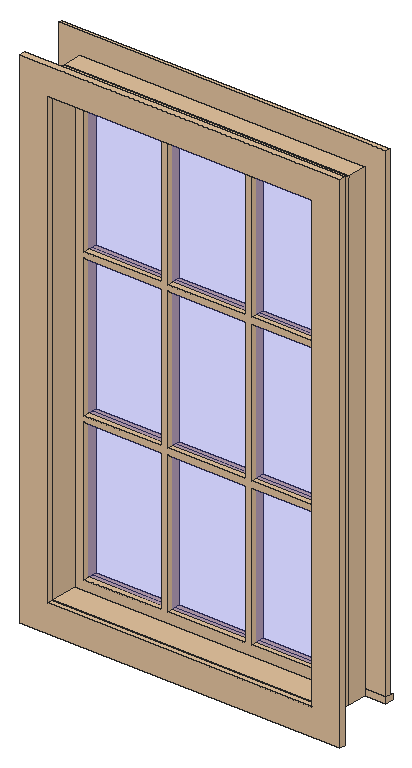
Revit family
Parameters (values of type "0915 x 1525mm")
  Glass Pane Material = Glass
  Height = 1525.00 mm
  Sash = Sash
  Default Sill Height = 610.00 mm
  Trim Exterior Material = Trim
  Trim Interior Material = Trim
  Trim Projection - Ext. = 13.00 mm
  Trim Projection - Int. = 19.00 mm
  Trim Width - Exterior = 89.00 mm
  Trim Width - Interior = 89.00 mm
  Wall Closure = (empty or 0)
  Width = 915.00 mm
  Window Inset = 19.00 mm
Types (4, lengths in mm): name | Height | Default Sill Height | Width
  (no name) | 1525.00 | 610.00 | 915.00
  0915 x 1220mm | 1220.00 | 915.00 | 925.00
  0915 x 1525mm | 1525.00 | 610.00 | 915.00
  0915 x 1830mm | 1830.00 | 305.00 | 915.00
Reference planes
  plane 1: y = 0
  plane 2: z = 0
  plane 3 "Center": x = 0
  plane 4 "Left": x = -457.5
  plane 5 "Right": x = 457.5
  plane 6 "Sill": z = 610
  plane 7 "Top": z = 2135
  plane 8: y = 76.2
  plane 9: y = -76.2
  plane 10: y = 57.2
  plane 11 "Top": z = 1372.5
  plane 12: x = -394
  plane 13: x = 394
  plane 14: x = -134.508
  plane 15: x = 134.508
  plane 16: z = 2071.5
  plane 17: z = 673.5
  plane 18: z = 1608.675
  plane 19: z = 1136.325
  plane 20: x = -425.75
  plane 21: x = -438.45
  plane 22: x = -514.75
  plane 23: x = -527.45
  plane 24: x = 425.75
  plane 25: x = 438.45
  plane 26: x = 514.75
  plane 27: x = 527.45
  plane 28: z = 2204.95
  plane 29: z = 2103.25
  plane 30: z = 2115.95
  plane 31: z = 2192.25
  plane 32: z = 641.75
  plane 33: z = 552.75
  plane 34: x = 403.525
  plane 35: x = -403.525
  plane 36: z = 2081.025
  plane 37: z = 663.975
  plane 38 "Closure": y = 28.625
Forms (mm)
  Extrusion 1, solid, material "Trim" <- "Trim Exterior Material"
    sketch origin (0, 0, 0) x (1, 0, 0) y (0, 0, 1)
      loop
        line (-457.5, 2135) -> (-457.5, 610) -> (457.5, 610) -> (457.5, 2135) -> (-457.5, 2135)
      loop
        line (-438.45, 2115.95) -> (-438.45, 629.05) -> (438.45, 629.05) -> (438.45, 2115.95) -> (-438.45, 2115.95)
    from -76.2 to -12.75
  Extrusion 2, solid, material "Trim" <- "Trim Interior Material"
    sketch origin (0, 0, 0) x (-1, 0, 0) y (0, 0, 1)
      loop
        line (-457.5, 2135) -> (-457.5, 610) -> (457.5, 610) -> (457.5, 2135) -> (-457.5, 2135)
      loop
        line (-425.75, 2103.25) -> (-425.75, 641.75) -> (425.75, 641.75) -> (425.75, 2103.25) -> (-425.75, 2103.25)
    from 12.75 to -76.2
  Extrusion 3, solid, material "Sash" <- "Sash"
    sketch origin (0, 0, 0) x (-1, 0, 0) y (0, 0, 1)
      loop
        line (-438.45, 2115.95) -> (-438.45, 629.05) -> (438.45, 629.05) -> (438.45, 2115.95) -> (-438.45, 2115.95)
      loop
        line (394, 2071.5) -> (144.033, 2071.5) -> (144.033, 1618.2) -> (394, 1618.2) -> (394, 2071.5)
      loop
        line (394, 1599.15) -> (144.033, 1599.15) -> (144.033, 1145.85) -> (394, 1145.85) -> (394, 1599.15)
      loop
        line (394, 1126.8) -> (144.033, 1126.8) -> (144.033, 673.5) -> (394, 673.5) -> (394, 1126.8)
      loop
        line (124.983, 2071.5) -> (-124.983, 2071.5) -> (-124.983, 1618.2) -> (124.983, 1618.2) -> (124.983, 2071.5)
      loop
        line (124.983, 1599.15) -> (-124.983, 1599.15) -> (-124.983, 1145.85) -> (124.983, 1145.85) -> (124.983, 1599.15)
      loop
        line (124.983, 1126.8) -> (-124.983, 1126.8) -> (-124.983, 673.5) -> (124.983, 673.5) -> (124.983, 1126.8)
      loop
        line (-144.033, 2071.5) -> (-394, 2071.5) -> (-394, 1618.2) -> (-144.033, 1618.2) -> (-144.033, 2071.5)
      loop
        line (-144.033, 1599.15) -> (-394, 1599.15) -> (-394, 1145.85) -> (-144.033, 1145.85) -> (-144.033, 1599.15)
      loop
        line (-144.033, 1126.8) -> (-394, 1126.8) -> (-394, 673.5) -> (-144.033, 673.5) -> (-144.033, 1126.8)
    from 12.75 to 57.2
  Extrusion 4, solid, material "Trim" <- "Trim Interior Material"
    sketch origin (0, 0, 0) x (1, 0, 0) y (0, 0, 1)
      loop
        line (-425.75, 2103.25) -> (-425.75, 641.75) -> (425.75, 641.75) -> (425.75, 2103.25) -> (-425.75, 2103.25)
      loop
        line (-514.75, 2192.25) -> (-514.75, 552.75) -> (514.75, 552.75) -> (514.75, 2192.25) -> (-514.75, 2192.25)
    from 76.2 to 95.2
  Extrusion 5, solid, material "Glass" <- "Glass Pane Material"
    sketch origin (0, 0, 0) x (-1, 0, 0) y (0, 0, 1)
      loop
        line (-394, 2071.5) -> (-394, 1618.2) -> (-144.033, 1618.2) -> (-144.033, 2071.5) -> (-394, 2071.5)
      loop
        line (-124.983, 2071.5) -> (-124.983, 1618.2) -> (124.983, 1618.2) -> (124.983, 2071.5) -> (-124.983, 2071.5)
      loop
        line (144.033, 2071.5) -> (144.033, 1618.2) -> (394, 1618.2) -> (394, 2071.5) -> (144.033, 2071.5)
      loop
        line (144.033, 1599.15) -> (144.033, 1145.85) -> (394, 1145.85) -> (394, 1599.15) -> (144.033, 1599.15)
      loop
        line (-124.983, 1599.15) -> (-124.983, 1145.85) -> (124.983, 1145.85) -> (124.983, 1599.15) -> (-124.983, 1599.15)
      loop
        line (-394, 1599.15) -> (-394, 1145.85) -> (-144.033, 1145.85) -> (-144.033, 1599.15) -> (-394, 1599.15)
      loop
        line (-394, 1126.8) -> (-394, 673.5) -> (-144.033, 673.5) -> (-144.033, 1126.8) -> (-394, 1126.8)
      loop
        line (-124.983, 1126.8) -> (-124.983, 673.5) -> (124.983, 673.5) -> (124.983, 1126.8) -> (-124.983, 1126.8)
      loop
        line (144.033, 1126.8) -> (144.033, 673.5) -> (394, 673.5) -> (394, 1126.8) -> (144.033, 1126.8)
    from 28.625 to 41.325
  Extrusion 6, solid, material "Trim" <- "Trim Exterior Material"
    sketch origin (0, 0, 0) x (-1, 0, 0) y (0, 0, 1)
      loop
        line (-438.45, 2115.95) -> (438.45, 2115.95) -> (438.45, 629.05) -> (527.45, 629.05) -> (527.45, 2204.95) -> (-527.45, 2204.95) -> (-527.45, 629.05) -> (-438.45, 629.05) -> (-438.45, 2115.95)
    from 76.2 to 89.2
  Extrusion 7, solid, material "Trim" <- "Trim Exterior Material"
    sketch origin (0, 0, 0) x (-1, 0, 0) y (0, 0, 1)
      loop
        line (-527.45, 629.05) -> (-527.45, 610) -> (527.45, 610) -> (527.45, 629.05) -> (-527.45, 629.05)
    from 76.2 to 101.9
Lines and regions (mm)
  Opening 1
    outline origin (-1524, -76.2, 0) x (1, 0, 0) y (0, 0, 1)
      loop
        line (1066.5, 2135) -> (1066.5, 610) -> (1981.5, 610) -> (1981.5, 2135) -> (1066.5, 2135)
  symbolic lines, style "WindowsFrameMullionProjection"
    curve 1: line (-457.5, 76.2, 0) -> (-438.45, 76.2, 0)
    curve 2: line (-438.45, 12.75, 0) -> (-438.45, 76.2, 0)
    curve 3: line (-438.45, 12.75, 0) -> (-425.75, 12.75, 0)
    curve 4: line (-425.75, -76.2, 0) -> (-425.75, 12.75, 0)
    curve 5: line (457.5, 76.2, 0) -> (438.45, 76.2, 0)
    curve 6: line (425.75, 12.75, 0) -> (425.75, -76.2, 0)
    curve 7: line (425.75, 12.75, 0) -> (438.45, 12.75, 0)
    curve 8: line (438.45, 12.75, 0) -> (438.45, 76.2, 0)
    curve 9: line (-438.45, 57.2, 0) -> (-394, 57.2, 0)
    curve 10: line (-438.45, 57.2, 0) -> (-438.45, 12.75, 0)
    curve 11: line (-438.45, 12.75, 0) -> (-394, 12.75, 0)
    curve 12: line (-394, 57.2, 0) -> (-394, 12.75, 0)
    curve 13: line (438.45, 57.2, 0) -> (394, 57.2, 0)
    curve 14: line (438.45, 57.2, 0) -> (438.45, 12.75, 0)
    curve 15: line (438.45, 12.75, 0) -> (394, 12.75, 0)
    curve 16: line (394, 57.2, 0) -> (394, 12.75, 0)
    curve 22: line (-425.75, -76.2, 0) -> (-457.5, -76.2, 0)
    curve 23: line (425.75, -76.2, 0) -> (457.5, -76.2, 0)
  symbolic lines, style "WindowsGlassProjection"
    curve 17: line (-394, 34.975, 0) -> (394, 34.975, 0)
  symbolic lines, style "Elevation Swing"
    curve 18: line (394, 57.2, 1372.5) -> (-394, 57.2, 2071.5)
    curve 19: line (394, 57.2, 1372.5) -> (-394, 57.2, 673.5)
    curve 20: line (-394, 12.75, 673.5) -> (394, 12.75, 1372.5)
    curve 21: line (394, 12.75, 1372.5) -> (-394, 12.75, 2071.5)
Text (mm)
  text "EXTERIOR" at (-1437.207, 772.553, 0), in view "Floor Line"
  text "INTERIOR" at (-1490.695, -350.7, 0), in view "Floor Line"
  text "Exterior" at (0, 1108.87, 3203.778), in view "Left"
  text "Exterior" at (0, 464.664, 3176.206), in view "Right"
Dimensions and locks
  equal spacing: plane 4 "Left", plane 3 "Center", plane 5 "Right"
  "Width": plane 4 "Left" to plane 5 "Right"
  plane 2 to plane 33 to plane 6 "Sill" to plane 30 to plane 7 "Top" = 552.75 mm, 57.25 mm, 1505.95 mm, 19.05 mm
  "Window Inset": plane 8 to plane 10
  locked: plane 10 to Extrusion 3 at 44.45
  "Trim Projection - Int.": Extrusion 4 to Extrusion 4
  equal spacing: plane 6 "Sill", plane 11 "Top", plane 7 "Top"
  locked: plane 4 "Left" to plane 12 at 63.5
  locked: plane 13 to plane 5 "Right" at 63.5
  locked: plane 6 "Sill" to plane 17 at 63.5
  locked: plane 16 to plane 7 "Top" at 63.5
  locked: Extrusion 3 to Extrusion 5 at 15.875
  locked: Extrusion 5 to Extrusion 5 at 12.7
  locked: Extrusion 7 to Extrusion 6 at 12.7
  "Trim Projection - Ext.": Extrusion 6 to Extrusion 6
  locked: plane 4 "Left" to plane 21 at 19.05
  locked: plane 25 to plane 5 "Right" at 19.05
  locked: plane 4 "Left" to plane 20 at 31.75
  locked: plane 24 to plane 5 "Right" at 31.75
  locked: plane 30 to plane 7 "Top" at 19.05
  "Trim Width - Exterior": plane 30 to plane 28
  "Trim Width - Exterior": plane 25 to plane 27
  "Trim Width - Exterior": plane 23 to plane 21
  locked: plane 7 "Top" to plane 29 at 31.75
  "Trim Width - Interior": plane 31 to plane 29
  "Trim Width - Interior": plane 32 to plane 33
  locked: plane 32 to plane 6 "Sill" at 31.75
  "Trim Width - Interior": plane 22 to plane 20
  "Trim Width - Interior": plane 24 to plane 26
  locked: plane 13 to plane 34 at 9.525
  locked: plane 35 to plane 12 at 9.525
  equal spacing: plane 35, plane 14, plane 15, plane 34
  locked: plane 16 to plane 36 at 9.525
  locked: plane 37 to plane 17 at 9.525
  equal spacing: plane 37, plane 19, plane 18, plane 36
  locked: Extrusion 7 sketch curve to Extrusion 7 sketch curve at 19.05
  "Height": plane 7 "Top" to plane 6 "Sill"
  "Default Sill Height": plane 6 "Sill" to plane 2
  locked: plane 8 to plane 38 "Closure" at 47.575
  aligned and locked: plane 7 "Top" to Opening 1 sketch curve
  aligned and locked: plane 6 "Sill" to Opening 1 sketch curve  (x2)
  aligned and locked: plane 5 "Right" to Opening 1 sketch curve
  aligned and locked: plane 4 "Left" to Opening 1 sketch curve
  aligned and locked: plane 9 to host wall
  aligned and locked: host wall to Extrusion 2
  aligned and locked: plane 10 to Extrusion 3
  aligned and locked: plane 8 to host wall
  aligned and locked: host wall to Extrusion 1
  aligned and locked: Extrusion 2 to Extrusion 1
  aligned and locked: Extrusion 1 to Extrusion 3
  aligned and locked: curve 5 to Extrusion 1  (x2)
  aligned and locked: curve 6 to Extrusion 2
  aligned and locked: curve 4 to Extrusion 2
  aligned and locked: Extrusion 1 to curve 11
  aligned and locked: Extrusion 1 to curve 7
  aligned and locked: Extrusion 4 sketch curve to Extrusion 2  (x4)
  aligned and locked: Extrusion 4 to host wall
  aligned and locked: curve 16 to Extrusion 3
  aligned and locked: Extrusion 5 sketch curve to Extrusion 3  (x24)
  aligned and locked: Extrusion 7 sketch curve to Extrusion 6  (x2)
  aligned and locked: Extrusion 6 to host wall
  aligned and locked: Extrusion 7 to host wall
Automatic sketch dimensions
  Extrusion 1 sketch curve to plane 4 "Left" = 0.00 mm
  Extrusion 1 sketch curve to plane 5 "Right" = 0.00 mm
  Extrusion 1 sketch curve to plane 4 "Left" = 19.05 mm
  plane 5 "Right" to Extrusion 1 sketch curve = 19.05 mm
  Extrusion 1 sketch curve to plane 6 "Sill" = 0.00 mm
  Extrusion 1 sketch curve to plane 7 "Top" = 0.00 mm
  Extrusion 1 sketch curve to plane 6 "Sill" = 19.05 mm
  plane 7 "Top" to Extrusion 1 sketch curve = 19.05 mm
  Extrusion 2 sketch curve to plane 5 "Right" = 0.00 mm
  Extrusion 2 sketch curve to plane 4 "Left" = 0.00 mm
  plane 5 "Right" to Extrusion 2 sketch curve = 31.75 mm
  Extrusion 2 sketch curve to plane 4 "Left" = 31.75 mm
  Extrusion 2 sketch curve to plane 6 "Sill" = 0.00 mm
  Extrusion 2 sketch curve to plane 7 "Top" = 0.00 mm
  Extrusion 2 sketch curve to plane 6 "Sill" = 31.75 mm
  plane 7 "Top" to Extrusion 2 sketch curve = 31.75 mm
  Extrusion 3 sketch curve to plane 13 = 0.00 mm  (x3)
  Extrusion 3 sketch curve to plane 17 = 0.00 mm  (x3)
  Extrusion 3 sketch curve to plane 16 = 0.00 mm  (x3)
  Extrusion 3 sketch curve to plane 12 = 0.00 mm  (x3)
  plane 5 "Right" to Extrusion 3 sketch curve = 19.05 mm
  Extrusion 3 sketch curve to plane 15 = 9.525 mm  (x3)
  plane 15 to Extrusion 3 sketch curve = 9.525 mm  (x3)
  Extrusion 3 sketch curve to plane 14 = 9.525 mm  (x3)
  plane 14 to Extrusion 3 sketch curve = 9.525 mm  (x3)
  Extrusion 3 sketch curve to plane 4 "Left" = 19.05 mm
  Extrusion 3 sketch curve to plane 6 "Sill" = 19.05 mm
  plane 19 to Extrusion 3 sketch curve = 9.525 mm  (x3)
  Extrusion 3 sketch curve to plane 19 = 9.525 mm  (x3)
  plane 18 to Extrusion 3 sketch curve = 9.525 mm  (x3)
  Extrusion 3 sketch curve to plane 18 = 9.525 mm  (x3)
  plane 7 "Top" to Extrusion 3 sketch curve = 19.05 mm
  curve 19 to plane 11 "Top" = 0.00 mm
  curve 21 to plane 11 "Top" = 0.00 mm
  plane 7 "Top" to curve 21 = 63.50 mm
  curve 18 to curve 21 = 0.00 mm
  curve 20 to plane 6 "Sill" = 63.50 mm
  curve 19 to curve 20 = 0.00 mm  (x2)
  curve 18 to plane 4 "Left" = 63.50 mm
  curve 20 to plane 4 "Left" = 63.50 mm
  curve 21 to curve 18 = 0.00 mm
  plane 5 "Right" to curve 20 = 63.50 mm
  curve 19 to curve 21 = 0.00 mm
  plane 5 "Right" to Extrusion 5 sketch curve = 63.50 mm  (x2)
  Extrusion 5 sketch curve to Extrusion 5 sketch curve = 0.00 mm  (x5)
  Extrusion 5 sketch curve to plane 4 "Left" = 63.50 mm
  Extrusion 5 sketch curve to plane 6 "Sill" = 63.50 mm  (x2)
  plane 7 "Top" to Extrusion 5 sketch curve = 63.50 mm  (x2)
  curve 22 to plane 4 "Left" = 0.00 mm
  curve 1 to plane 4 "Left" = 0.00 mm
  curve 2 to plane 8 = 0.00 mm
  curve 10 to plane 10 = 0.00 mm
  curve 13 to plane 10 = 0.00 mm
  curve 23 to plane 5 "Right" = 0.00 mm
  curve 2 to plane 4 "Left" = 19.05 mm
  curve 9 to curve 12 = 44.45 mm
  plane 5 "Right" to curve 13 = 19.05 mm
  curve 23 to plane 9 = 0.00 mm
  curve 4 to plane 9 = 0.00 mm
  curve 11 to curve 17 = 22.225 mm
  Extrusion 7 sketch curve to plane 23 = 0.00 mm
  Extrusion 4 sketch curve to plane 22 = 0.00 mm
  Extrusion 4 sketch curve to plane 26 = 0.00 mm
  Extrusion 4 sketch curve to plane 33 = 0.00 mm
  Extrusion 4 sketch curve to plane 31 = 0.00 mm
  Extrusion 6 sketch curve to plane 27 = 0.00 mm
  Extrusion 6 sketch curve to plane 25 = 0.00 mm
  Extrusion 6 sketch curve to plane 21 = 0.00 mm
  Extrusion 6 sketch curve to plane 23 = 0.00 mm
  Extrusion 6 sketch curve to plane 30 = 0.00 mm
  Extrusion 6 sketch curve to plane 28 = 0.00 mm
  Extrusion 6 sketch curve to plane 6 "Sill" = 19.05 mm  (x2)
